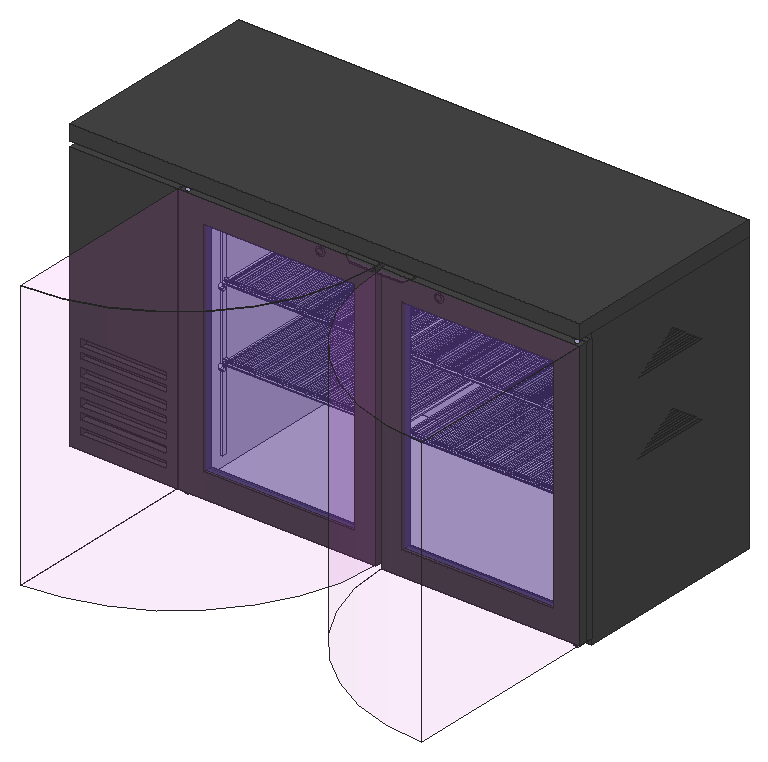
Revit family "QF_True_TBB24-60-2G-Z1-BST-S-1_Glass_Swing_Door_Back_Bar", category Specialty Equipment, Revit 2021 (continued)
Definition of nested family "TBB24-60-2G-Z1-BST-B-1"
  Forms (in)
    Extrusion 218, solid
      sketch origin (40.40747, -21.41792, 22.04105) x (0, 0, -1) y (1, 0, 0)
        loop
          circle (-0.03189, 15.80488) r 0.03205
      from 0 to -18.90457
    Extrusion 219, solid
      sketch origin (21.18991, -21.41792, 13.54105) x (0, 0, -1) y (1, 0, 0)
        loop
          circle (-0.03189, 15.80488) r 0.03205
      from 0 to -18.90457
    Extrusion 220, solid
      sketch origin (40.73881, -21.41792, 13.54105) x (0, 0, -1) y (1, 0, 0)
        loop
          circle (-0.03189, 15.80488) r 0.03205
      from 0 to -18.90457
    Extrusion 221, solid
      sketch origin (21.52125, -21.41792, 13.54105) x (0, 0, -1) y (1, 0, 0)
        loop
          circle (-0.03189, 15.80488) r 0.03205
      from 0 to -18.90457
    Extrusion 222, solid
      sketch origin (21.85259, -21.41792, 13.54105) x (0, 0, -1) y (1, 0, 0)
        loop
          circle (-0.03189, 15.80488) r 0.03205
      from 0 to -18.90457
    Extrusion 223, solid
      sketch origin (22.18392, -21.41792, 13.54105) x (0, 0, -1) y (1, 0, 0)
        loop
          circle (-0.03189, 15.80488) r 0.03205
      from 0 to -18.90457
    Extrusion 224, solid
      sketch origin (22.51526, -21.41792, 13.54105) x (0, 0, -1) y (1, 0, 0)
        loop
          circle (-0.03189, 15.80488) r 0.03205
      from 0 to -18.90457
    Extrusion 225, solid
      sketch origin (22.8466, -21.41792, 13.54105) x (0, 0, -1) y (1, 0, 0)
        loop
          circle (-0.03189, 15.80488) r 0.03205
      from 0 to -18.90457
    Extrusion 226, solid
      sketch origin (23.17793, -21.41792, 13.54105) x (0, 0, -1) y (1, 0, 0)
        loop
          circle (-0.03189, 15.80488) r 0.03205
      from 0 to -18.90457
    Extrusion 227, solid
      sketch origin (23.50927, -21.41792, 13.54105) x (0, 0, -1) y (1, 0, 0)
        loop
          circle (-0.03189, 15.80488) r 0.03205
      from 0 to -18.90457
    Extrusion 228, solid
      sketch origin (23.84061, -21.41792, 13.54105) x (0, 0, -1) y (1, 0, 0)
        loop
          circle (-0.03189, 15.80488) r 0.03205
      from 0 to -18.90457
    Extrusion 229, solid
      sketch origin (24.17195, -21.41792, 13.54105) x (0, 0, -1) y (1, 0, 0)
        loop
          circle (-0.03189, 15.80488) r 0.03205
      from 0 to -18.90457
    Extrusion 230, solid
      sketch origin (24.50328, -21.41792, 13.54105) x (0, 0, -1) y (1, 0, 0)
        loop
          circle (-0.03189, 15.80488) r 0.03205
      from 0 to -18.90457
    Extrusion 231, solid
      sketch origin (24.83462, -21.41792, 13.54105) x (0, 0, -1) y (1, 0, 0)
        loop
          circle (-0.03189, 15.80488) r 0.03205
      from 0 to -18.90457
    Extrusion 232, solid
      sketch origin (25.16596, -21.41792, 13.54105) x (0, 0, -1) y (1, 0, 0)
        loop
          circle (-0.03189, 15.80488) r 0.03205
      from 0 to -18.90457
    Extrusion 233, solid
      sketch origin (25.4973, -21.41792, 13.54105) x (0, 0, -1) y (1, 0, 0)
        loop
          circle (-0.03189, 15.80488) r 0.03205
      from 0 to -18.90457
    Extrusion 234, solid
      sketch origin (25.82863, -21.41792, 13.54105) x (0, 0, -1) y (1, 0, 0)
        loop
          circle (-0.03189, 15.80488) r 0.03205
      from 0 to -18.90457
    Extrusion 235, solid
      sketch origin (26.15997, -21.41792, 13.54105) x (0, 0, -1) y (1, 0, 0)
        loop
          circle (-0.03189, 15.80488) r 0.03205
      from 0 to -18.90457
    Extrusion 236, solid
      sketch origin (26.49131, -21.41792, 13.54105) x (0, 0, -1) y (1, 0, 0)
        loop
          circle (-0.03189, 15.80488) r 0.03205
      from 0 to -18.90457
    Extrusion 237, solid
      sketch origin (26.82264, -21.41792, 13.54105) x (0, 0, -1) y (1, 0, 0)
        loop
          circle (-0.03189, 15.80488) r 0.03205
      from 0 to -18.90457
    Extrusion 238, solid
      sketch origin (27.15398, -21.41792, 13.54105) x (0, 0, -1) y (1, 0, 0)
        loop
          circle (-0.03189, 15.80488) r 0.03205
      from 0 to -18.90457
    Extrusion 239, solid
      sketch origin (27.48532, -21.41792, 13.54105) x (0, 0, -1) y (1, 0, 0)
        loop
          circle (-0.03189, 15.80488) r 0.03205
      from 0 to -18.90457
    Extrusion 240, solid
      sketch origin (27.81666, -21.41792, 13.54105) x (0, 0, -1) y (1, 0, 0)
        loop
          circle (-0.03189, 15.80488) r 0.03205
      from 0 to -18.90457
    Extrusion 241, solid
      sketch origin (28.14799, -21.41792, 13.54105) x (0, 0, -1) y (1, 0, 0)
        loop
          circle (-0.03189, 15.80488) r 0.03205
      from 0 to -18.90457
    Extrusion 242, solid
      sketch origin (28.47933, -21.41792, 13.54105) x (0, 0, -1) y (1, 0, 0)
        loop
          circle (-0.03189, 15.80488) r 0.03205
      from 0 to -18.90457
    Extrusion 243, solid
      sketch origin (28.81067, -21.41792, 13.54105) x (0, 0, -1) y (1, 0, 0)
        loop
          circle (-0.03189, 15.80488) r 0.03205
      from 0 to -18.90457
    Extrusion 244, solid
      sketch origin (29.142, -21.41792, 13.54105) x (0, 0, -1) y (1, 0, 0)
        loop
          circle (-0.03189, 15.80488) r 0.03205
      from 0 to -18.90457
    Extrusion 245, solid
      sketch origin (29.47334, -21.41792, 13.54105) x (0, 0, -1) y (1, 0, 0)
        loop
          circle (-0.03189, 15.80488) r 0.03205
      from 0 to -18.90457
    Extrusion 246, solid
      sketch origin (29.80468, -21.41792, 13.54105) x (0, 0, -1) y (1, 0, 0)
        loop
          circle (-0.03189, 15.80488) r 0.03205
      from 0 to -18.90457
    Extrusion 247, solid
      sketch origin (30.13602, -21.41792, 13.54105) x (0, 0, -1) y (1, 0, 0)
        loop
          circle (-0.03189, 15.80488) r 0.03205
      from 0 to -18.90457
    Extrusion 248, solid
      sketch origin (30.46735, -21.41792, 13.54105) x (0, 0, -1) y (1, 0, 0)
        loop
          circle (-0.03189, 15.80488) r 0.03205
      from 0 to -18.90457
    Extrusion 249, solid
      sketch origin (30.79869, -21.41792, 13.54105) x (0, 0, -1) y (1, 0, 0)
        loop
          circle (-0.03189, 15.80488) r 0.03205
      from 0 to -18.90457
    Extrusion 250, solid
      sketch origin (31.13003, -21.41792, 13.54105) x (0, 0, -1) y (1, 0, 0)
        loop
          circle (-0.03189, 15.80488) r 0.03205
      from 0 to -18.90457
    Extrusion 251, solid
      sketch origin (31.46137, -21.41792, 13.54105) x (0, 0, -1) y (1, 0, 0)
        loop
          circle (-0.03189, 15.80488) r 0.03205
      from 0 to -18.90457
    Extrusion 252, solid
      sketch origin (31.7927, -21.41792, 13.54105) x (0, 0, -1) y (1, 0, 0)
        loop
          circle (-0.03189, 15.80488) r 0.03205
      from 0 to -18.90457
    Extrusion 253, solid
      sketch origin (32.12404, -21.41792, 13.54105) x (0, 0, -1) y (1, 0, 0)
        loop
          circle (-0.03189, 15.80488) r 0.03205
      from 0 to -18.90457
    Extrusion 254, solid
      sketch origin (32.45538, -21.41792, 13.54105) x (0, 0, -1) y (1, 0, 0)
        loop
          circle (-0.03189, 15.80488) r 0.03205
      from 0 to -18.90457
    Extrusion 255, solid
      sketch origin (32.78671, -21.41792, 13.54105) x (0, 0, -1) y (1, 0, 0)
        loop
          circle (-0.03189, 15.80488) r 0.03205
      from 0 to -18.90457
    Extrusion 256, solid
      sketch origin (33.11805, -21.41792, 13.54105) x (0, 0, -1) y (1, 0, 0)
        loop
          circle (-0.03189, 15.80488) r 0.03205
      from 0 to -18.90457
    Extrusion 257, solid
      sketch origin (33.44939, -21.41792, 13.54105) x (0, 0, -1) y (1, 0, 0)
        loop
          circle (-0.03189, 15.80488) r 0.03205
      from 0 to -18.90457
    Extrusion 258, solid
      sketch origin (33.78073, -21.41792, 13.54105) x (0, 0, -1) y (1, 0, 0)
        loop
          circle (-0.03189, 15.80488) r 0.03205
      from 0 to -18.90457
    Extrusion 259, solid
      sketch origin (34.11206, -21.41792, 13.54105) x (0, 0, -1) y (1, 0, 0)
        loop
          circle (-0.03189, 15.80488) r 0.03205
      from 0 to -18.90457
    Extrusion 260, solid
      sketch origin (34.4434, -21.41792, 13.54105) x (0, 0, -1) y (1, 0, 0)
        loop
          circle (-0.03189, 15.80488) r 0.03205
      from 0 to -18.90457
    Extrusion 261, solid
      sketch origin (34.77474, -21.41792, 13.54105) x (0, 0, -1) y (1, 0, 0)
        loop
          circle (-0.03189, 15.80488) r 0.03205
      from 0 to -18.90457
    Extrusion 262, solid
      sketch origin (35.10607, -21.41792, 13.54105) x (0, 0, -1) y (1, 0, 0)
        loop
          circle (-0.03189, 15.80488) r 0.03205
      from 0 to -18.90457
    Extrusion 263, solid
      sketch origin (35.43741, -21.41792, 13.54105) x (0, 0, -1) y (1, 0, 0)
        loop
          circle (-0.03189, 15.80488) r 0.03205
      from 0 to -18.90457
    Extrusion 264, solid
      sketch origin (35.76875, -21.41792, 13.54105) x (0, 0, -1) y (1, 0, 0)
        loop
          circle (-0.03189, 15.80488) r 0.03205
      from 0 to -18.90457
    Extrusion 265, solid
      sketch origin (36.10009, -21.41792, 13.54105) x (0, 0, -1) y (1, 0, 0)
        loop
          circle (-0.03189, 15.80488) r 0.03205
      from 0 to -18.90457
    Extrusion 266, solid
      sketch origin (36.43142, -21.41792, 13.54105) x (0, 0, -1) y (1, 0, 0)
        loop
          circle (-0.03189, 15.80488) r 0.03205
      from 0 to -18.90457
    Extrusion 267, solid
      sketch origin (36.76276, -21.41792, 13.54105) x (0, 0, -1) y (1, 0, 0)
        loop
          circle (-0.03189, 15.80488) r 0.03205
      from 0 to -18.90457
    Extrusion 268, solid
      sketch origin (37.0941, -21.41792, 13.54105) x (0, 0, -1) y (1, 0, 0)
        loop
          circle (-0.03189, 15.80488) r 0.03205
      from 0 to -18.90457
    Extrusion 269, solid
      sketch origin (37.42544, -21.41792, 13.54105) x (0, 0, -1) y (1, 0, 0)
        loop
          circle (-0.03189, 15.80488) r 0.03205
      from 0 to -18.90457
    Extrusion 270, solid
      sketch origin (37.75677, -21.41792, 13.54105) x (0, 0, -1) y (1, 0, 0)
        loop
          circle (-0.03189, 15.80488) r 0.03205
      from 0 to -18.90457
    Extrusion 271, solid
      sketch origin (38.08811, -21.41792, 13.54105) x (0, 0, -1) y (1, 0, 0)
        loop
          circle (-0.03189, 15.80488) r 0.03205
      from 0 to -18.90457
    Extrusion 272, solid
      sketch origin (38.41945, -21.41792, 13.54105) x (0, 0, -1) y (1, 0, 0)
        loop
          circle (-0.03189, 15.80488) r 0.03205
      from 0 to -18.90457
    Extrusion 273, solid
      sketch origin (38.75078, -21.41792, 13.54105) x (0, 0, -1) y (1, 0, 0)
        loop
          circle (-0.03189, 15.80488) r 0.03205
      from 0 to -18.90457
    Extrusion 274, solid
      sketch origin (39.08212, -21.41792, 13.54105) x (0, 0, -1) y (1, 0, 0)
        loop
          circle (-0.03189, 15.80488) r 0.03205
      from 0 to -18.90457
    Extrusion 275, solid
      sketch origin (39.41346, -21.41792, 13.54105) x (0, 0, -1) y (1, 0, 0)
        loop
          circle (-0.03189, 15.80488) r 0.03205
      from 0 to -18.90457
    Extrusion 276, solid
      sketch origin (39.7448, -21.41792, 13.54105) x (0, 0, -1) y (1, 0, 0)
        loop
          circle (-0.03189, 15.80488) r 0.03205
      from 0 to -18.90457
    Extrusion 277, solid
      sketch origin (40.07613, -21.41792, 13.54105) x (0, 0, -1) y (1, 0, 0)
        loop
          circle (-0.03189, 15.80488) r 0.03205
      from 0 to -18.90457
    Extrusion 278, solid
      sketch origin (40.40747, -21.41792, 13.54105) x (0, 0, -1) y (1, 0, 0)
        loop
          circle (-0.03189, 15.80488) r 0.03205
      from 0 to -18.90457
    Revolve 279, solid
      sketch origin (-45.75, -24.2475, 32.27501) x (0, 0, -1) y (1, 0, 0)
        loop
          line (-0.66249, 59.28125) -> (0, 59.28125) -> (0, 59.53125) -> (-0.5, 59.53125) -> (-0.5, 59.70135) -> (-0.66249, 59.70135) -> (-0.66249, 59.28125)
        axis (-0.66249, 59.28125) -> (0, 59.28125)
      angle from 0 to 360
    Revolve 280, solid
      sketch origin (118.5625, -24.2475, 32.27501) x (0, 0, -1) y (1, 0, 0)
        loop
          line (-0.66249, -59.28125) -> (-0.66249, -59.70135) -> (-0.5, -59.70135) -> (-0.5, -59.53125) -> (0, -59.53125) -> (0, -59.28125) -> (-0.66249, -59.28125)
        axis (-0.66249, -59.28125) -> (0, -59.28125)
      angle from 0 to 360
    Blend 281, solid, material <- "Door Finish"
      base sketch origin (-19, -24.875, 35.99786) x (0, 0, -1) y (1, 0, 0)
        loop
          circle (4.37806, 48.52437) r 0.5
      top sketch origin (-19, -24.875, 35.99786) x (0, 0, 1) y (1, 0, 0)
        loop
          circle (-4.37806, 48.52437) r 0.37406
      from 0 to 0.04478
    Extrusion 282, solid, material <- "Door Finish"
      sketch origin (36.09375, -23.80172, 31.67503) x (0, 0, -1) y (0, 1, 0)
        loop
          line (-0.59999, -0.37926) -> (-0.72499, -0.37926) -> (-0.72499, -1.07258) -> (-0.43164, -1.54203) -> (-0.28424, -1.54203) -> (-0.59999, -1.03673) -> (-0.59999, -0.37926)
      from 0 to -3.5
    Extrusion 283, void
      sketch origin (36.09375, -24.8743, 32.40001) x (0, 0.848048, 0.529919) y (1, 0, 0)
        loop
          line (0, -3.5) -> (-0.84728, -2.4866) -> (-0.84728, -3.5) -> (0, -3.5)
      from 0 to 0.25
    Extrusion 284, solid, material <- "Door Finish"
      sketch origin (40.21875, -23.80172, 31.67503) x (0, 0, -1) y (0, 1, 0)
        loop
          line (-0.59999, -0.37926) -> (-0.72499, -0.37926) -> (-0.72499, -1.07258) -> (-0.43164, -1.54203) -> (-0.28424, -1.54203) -> (-0.59999, -1.03673) -> (-0.59999, -0.37926)
      from 0 to -3.5
    Extrusion 285, solid, material <- "Door Finish"
      sketch origin (1.0398, -23.09422, 32.9375) x (0, 0, -1) y (1, 0, 0)
        loop
          line (0.66249, 11.74145) -> (32.25, 11.74145) -> (32.25, 35.05395) -> (0.66249, 35.05395) -> (0.66249, 11.74145)
        loop
          line (3.27169, 14.74153) -> (29.40712, 14.74153) -> (29.40712, 32.59088) -> (3.27169, 32.59088) -> (3.27169, 14.74153)
      from 1.78078 to 0.64622
    Extrusion 286, void
      sketch origin (36.71875, -24.8743, 32.40001) x (0, 0.848048, 0.529919) y (1, 0, 0)
        loop
          line (0, 3.5) -> (-0.84728, 3.5) -> (-0.84728, 2.4866) -> (0, 3.5)
      from 0 to 0.25
    Extrusion 287, solid, visible <- "Show Door Clearance"
      sketch origin (36.01135, -23.09422, 0.6875) x (0, -1, 0) y (-1, 0, 0)
        loop
          line (1.78078, -0.7074) -> (1.78078, -24.0199) -> (24.99753, -24.0199)
          arc (24.99753, -24.0199) -> (18.11444, -7.65777) -> (1.78078, -0.7074) r 23.62444
      from 0 to -31.58751
    Extrusion 288, solid, visible <- "Show Door Clearance"
      sketch origin (36.80115, -23.09422, 0.6875) x (0, 1, 0) y (1, 0, 0)
        loop
          arc (-1.78078, -0.7074) -> (-18.11444, -7.65777) -> (-24.99753, -24.0199) r 23.62444
          line (-24.99753, -24.0199) -> (-1.78078, -24.0199) -> (-1.78078, -0.7074)
      from 0 to -31.58751
    Extrusion 289, solid
      sketch origin (34.40058, -23.09422, 3.53038) x (-1, 0, 0) y (0, -1, 0)
        loop
          line (18.61924, 1.4635) -> (0.7699, 1.4635) -> (0.7699, 0.9635) -> (18.61924, 0.9635) -> (18.61924, 1.4635)
      from 0 to 26.13543
    Extrusion 290, solid
      sketch origin (57.80107, -23.09422, 3.53038) x (-1, 0, 0) y (0, -1, 0)
        loop
          line (18.61924, 1.4635) -> (0.7699, 1.4635) -> (0.7699, 0.9635) -> (18.61924, 0.9635) -> (18.61924, 1.4635)
      from 0 to 26.13543
  Cuts and joins
    Extrusion 3, Extrusion 5 cuts Extrusion 2
    Extrusion 5 cuts Extrusion 4
    joined: Extrusion 26, Extrusion 27
    Extrusion 283, Extrusion 286 cuts Extrusion 282
    Extrusion 286 cuts Extrusion 285
    Extrusion 286 cuts Extrusion 284
  Lines and regions (in)
    Split face 1
      outline origin (0, 0.03125, 32.6875) x (0, 0, 1) y (1, 0, 0)
        loop
          line (-15.04167, 10.7061) -> (-29.59231, 10.7061) -> (-29.59231, 0.9561) -> (-15.04167, 0.9561) -> (-15.04167, 10.7061)
    Split face 2
      outline origin (60.03125, 0, 0) x (-1, 0, 0) y (0, 0, 1)
        loop
          line (48.03125, 32.9375) -> (48.03125, 0)
        loop
          line (45.65625, 0) -> (45.65625, 32.9375)
        loop
          line (2.75, 32.9375) -> (2.75, 0)
    Split face 3
      outline origin (0, -24.875, 32.27501) x (-1, 0, 0) y (0, 0, -1)
        loop
          line (-2.26866, 1.36126) -> (-2.26866, 2.86126) -> (-10.197, 2.86126) -> (-10.197, 1.36126) -> (-2.26866, 1.36126)
    symbolic lines
      curve 1: line (60.03125, 0, 0) -> (0, 0, 0)
      curve 2: line (0, 0, 0) -> (0, -25.34375, 0)
      curve 3: line (60.03125, -25.34375, 0) -> (60.03125, 0, 0)
      curve 4: line (0, -24.875, 0) -> (60.03125, -24.875, 0)
      curve 7: line (33.34928, -25.34375, 0) -> (32.68817, -24.875, 0)
      curve 8: line (33.34928, -25.34375, 0) -> (36.09375, -25.34375, 0)
      curve 9: line (36.09375, -25.34375, 0) -> (36.09375, -24.875, 0)
      curve 10: line (39.46322, -25.34375, 0) -> (40.12433, -24.875, 0)
      curve 11: line (39.46322, -25.34375, 0) -> (36.71875, -25.34375, 0)
      curve 12: line (36.71875, -25.34375, 0) -> (36.71875, -24.875, 0)
    symbolic lines, visible <- "Show Door Clearance"
      curve 5: line (12.78125, -24.875, 0) -> (32.83289, -36.45182, 0)
      curve 6: line (60.03125, -24.875, 0) -> (39.97961, -36.45182, 0)
      curve 13: arc (36.09375, -24.875, 0) -> (35.21239, -30.8744, 0) -> (32.83289, -36.45182, 0) r 23.62444
      curve 14: arc (39.97961, -36.45182, 0) -> (37.60011, -30.8744, 0) -> (36.71875, -24.875, 0) r 23.62444
  Dimensions and locks (in)
    equal spacing: plane 3 "LEFT", plane 7 "Center Y", plane 4 "RIGHT"
    "Length": plane 3 "LEFT" to plane 4 "RIGHT"
    equal spacing: plane 5 "FRONT", plane 8 "Center X", plane 1 "BACK"
    "Depth": plane 5 "FRONT" to plane 1 "BACK"
    "Height": plane 6 "TOP" to level
    plane 1 "BACK" to plane 9 = 48 3/32"
    plane 10 to level = 11/16"
    plane 5 "FRONT" to plane 1 "BACK" = 25 11/32"
    plane 9 to plane 1 "BACK" = 48 3/32"
    plane 6 "TOP" to plane 11 = 1 25/32"
    equal spacing: group 1, group 3, group 4, group 5, group 6, group 7, group 8, group 9, group 10, group 11, group 12, group 13, group 14, group 15, group 16, group 17, group 18, group 19, group 20, group 21, group 22, group 23, group 24, group 25, group 26, group 27, group 28, group 29, group 30, group 31, group 32, group 33, group 34, group 35, group 36, group 37, group 38, group 39, group 40, group 41, group 42, group 43, group 44, group 45, group 46, group 47, group 48, group 49, group 50, group 2  (x3)
    plane 5 "FRONT" to plane 9 = 22 3/4"
    plane 4 "RIGHT" to plane 3 "LEFT" = 60 1/32"
    plane 15 to plane 1 "BACK" = 24 7/8"
    equal spacing: group 51, group 53, group 54, group 55, group 56, group 57, group 58, group 59, group 60, group 61, group 62, group 63, group 64, group 65, group 66, group 67, group 68, group 69, group 70, group 71, group 72, group 73, group 74, group 75, group 76, group 77, group 78, group 79, group 80, group 81, group 82, group 83, group 84, group 85, group 86, group 87, group 88, group 89, group 90, group 91, group 92, group 93, group 94, group 95, group 96, group 97, group 98, group 99, group 100, group 101, group 102, group 103, group 104, group 105, group 106, group 107, group 108, group 109, group 110, group 52  (x3)
    aligned and locked: level to plane 2
  Automatic sketch dimensions
    Extrusion 1 sketch curve to plane 3 "LEFT" = 0"
    plane 4 "RIGHT" to Extrusion 1 sketch curve = 0"
    Extrusion 1 sketch curve to plane 11 = 0"
    Extrusion 1 sketch curve to plane 6 "TOP" = 0"
    plane 11 to Extrusion 2 sketch curve = 0"
    Extrusion 2 sketch curve to level = 0"
    Extrusion 2 sketch curve to plane 1 "BACK" = 0"
    Extrusion 2 sketch curve to plane 13 = 1.6763"
    plane 1 "BACK" to Extrusion 3 sketch curve = 1.91691"
    Extrusion 3 sketch curve to plane 13 = 1.6763"
    plane 3 "LEFT" to Extrusion 3 sketch curve = 14 29/32"
    plane 4 "RIGHT" to Extrusion 3 sketch curve = 2.61437"
    Extrusion 4 sketch curve to Extrusion 2 = 0"
    Extrusion 4 sketch curve to Extrusion 2 = 0.66249"
    Extrusion 4 sketch curve to Extrusion 2 = 11/16"
    Extrusion 2 to Extrusion 4 sketch curve = 12 25/32"
    Extrusion 4 to Extrusion 5 sketch curve = 1.61339"
    Extrusion 5 sketch curve to Extrusion 5 sketch curve = 0.82714"  (x4)
    Extrusion 5 sketch curve to Extrusion 5 sketch curve = 0.79786"
    Extrusion 5 sketch curve to Extrusion 5 sketch curve = 0.57908"  (x2)
    Extrusion 5 sketch curve to Extrusion 5 sketch curve = 1"  (x3)
    Extrusion 5 sketch curve to Extrusion 5 sketch curve = 0.71878"
    Extrusion 5 sketch curve to Extrusion 5 sketch curve = 0.84378"
    Extrusion 5 sketch curve to Extrusion 5 sketch curve = 0.45408"
    Extrusion 4 to Extrusion 5 sketch curve = 1.27626"  (x2)
    Extrusion 5 sketch curve to Extrusion 5 sketch curve = 0"  (x11)
    Extrusion 4 to Extrusion 5 sketch curve = 1.32665"
    Extrusion 6 sketch curve to Extrusion 2 = 0"
    Extrusion 2 to Extrusion 6 sketch curve = 9/16"
    Extrusion 6 sketch curve to Extrusion 6 sketch curve = 3/4"  (x3)
    Extrusion 6 sketch curve to Extrusion 2 = 13.59037"
    Extrusion 2 to Extrusion 6 sketch curve = 3/4"
    Extrusion 6 sketch curve to Extrusion 6 sketch curve = 0"  (x2)
    Extrusion 6 sketch curve to Extrusion 6 sketch curve = 0.44096"
    Extrusion 6 sketch curve to Extrusion 6 sketch curve = 4.44897"
    Extrusion 6 sketch curve to Extrusion 6 sketch curve = 10.52264"
    Split face 1 sketch curve to Extrusion 6 = 2.53269"
    Split face 1 sketch curve to Extrusion 6 = 2.4513"
    Split face 1 sketch curve to Extrusion 6 = 0.9561"
    Split face 1 sketch curve to Extrusion 6 = 1.31655"
    Extrusion 7 sketch curve to Extrusion 6 = 0.05904"
    Extrusion 6 to Extrusion 7 sketch curve = 0.19096"  (x2)
    Extrusion 7 sketch curve to Extrusion 6 = 0.31699"  (x2)
    Extrusion 7 sketch curve to Extrusion 7 sketch curve = 1/2"  (x2)
    Extrusion 7 sketch curve to Extrusion 7 sketch curve = 1/4"
    Extrusion 7 sketch curve to Extrusion 7 sketch curve = 0.43301"  (x2)
    Extrusion 8 sketch curve to Extrusion 6 = 0.72262"
    Extrusion 8 sketch curve to Extrusion 6 = 1.73005"
    Split face 2 sketch curve to cut or joined group of Extrusion 2, Extrusion 3, Extrusion 5 = 0"  (x6)
    Split face 2 sketch curve to cut or joined group of Extrusion 2, Extrusion 3, Extrusion 5 = 2 3/4"
    Split face 2 sketch curve to cut or joined group of Extrusion 2, Extrusion 3, Extrusion 5 = 14 3/8"
    Split face 2 sketch curve to Split face 2 sketch curve = 2 3/8"
    plane 11 to Blend 9 sketch curve = 1.31771"  (x2)
    plane 7 "Center Y" to Blend 9 sketch curve = 13.50874"  (x2)
    Split face 3 sketch curve to cut or joined group of Extrusion 4, Extrusion 5 = 1.2576"
    Split face 3 sketch curve to cut or joined group of Extrusion 4, Extrusion 5 = 0.9924"
    Split face 3 sketch curve to cut or joined group of Extrusion 4, Extrusion 5 = 1.36126"
    Split face 3 sketch curve to Split face 3 sketch curve = 1 1/2"
    Extrusion 10 sketch curve to Extrusion 3 = 1.6763"
    Extrusion 10 sketch curve to Extrusion 10 sketch curve = 1/2"  (x2)
    Extrusion 3 to Extrusion 10 sketch curve = 3.25101"
    Extrusion 3 to Extrusion 10 sketch curve = 1.46788"  (x2)
    Extrusion 3 to Extrusion 10 sketch curve = 1.74463"  (x2)
    Extrusion 3 to Extrusion 11 sketch curve = 2.75101"
    Extrusion 11 sketch curve to Extrusion 11 sketch curve = 1/2"  (x2)
    Extrusion 3 to Extrusion 11 sketch curve = 2.1763"
    Extrusion 3 to Extrusion 11 sketch curve = 1.46788"  (x2)
    Extrusion 3 to Extrusion 11 sketch curve = 1.74463"  (x2)
    Extrusion 3 to Extrusion 12 sketch curve = 1.46788"  (x4)
    Extrusion 12 sketch curve to Extrusion 3 = 3.8189"
    Extrusion 12 sketch curve to Extrusion 12 sketch curve = 1/2"  (x4)
    Extrusion 12 sketch curve to Extrusion 12 sketch curve = 15 5/16"
    Extrusion 12 sketch curve to Extrusion 12 sketch curve = 1.77627"
    Extrusion 3 to Extrusion 12 sketch curve = 1.74463"  (x4)
    Extrusion 12 sketch curve to Extrusion 3 = 4.27984"
    Sweep 13 sketch curve to plane 13 = 0"
    plane 13 to Sweep 13 sketch curve = 1/2"
    plane 7 "Center Y" to Sweep 13 sketch curve = 5.49328"
    Sweep 13 sketch curve to Sweep 13 sketch curve = 1/2"  (x2)
    Sweep 13 sketch curve to plane 13 = 1/2"
    Sweep 13 sketch curve to plane 7 "Center Y" = 14.00672"  (x2)
    plane 1 "BACK" to Sweep 13 sketch curve = 3.04972"
    Sweep 13 sketch curve to Sweep 13 sketch curve = 1/4"
    profile plane to Sweep 13 sketch curve = 0"
    Sweep 13 sketch curve to profile plane = 0.10817"
    Extrusion 10 to Extrusion 14 sketch curve = 0"
    Extrusion 10 to Extrusion 14 sketch curve = 9.35512"  (x2)
    Extrusion 14 sketch curve to Extrusion 10 = 0.44283"
    Extrusion 14 sketch curve to Extrusion 14 sketch curve = 0.44283"  (x3)
    Extrusion 14 sketch curve to Extrusion 14 sketch curve = 0.13831"  (x2)
    Extrusion 14 sketch curve to Extrusion 14 sketch curve = 40.86249"
    Extrusion 10 to Extrusion 15 sketch curve = 0"
    Extrusion 10 to Extrusion 15 sketch curve = 9.35512"  (x2)
    Extrusion 15 sketch curve to Extrusion 10 = 0.44283"
    Extrusion 15 sketch curve to Extrusion 15 sketch curve = 0.44283"  (x3)
    Extrusion 15 sketch curve to Extrusion 15 sketch curve = 0.13831"  (x2)
    Extrusion 15 sketch curve to Extrusion 15 sketch curve = 40.86249"
    Extrusion 16 sketch curve to Extrusion 12 = 0"
    Extrusion 12 to Extrusion 16 sketch curve = 9.35512"
    Extrusion 16 sketch curve to Extrusion 16 sketch curve = 0.44283"  (x2)
    Extrusion 16 sketch curve to Extrusion 16 sketch curve = 0.13831"
    Extrusion 17 sketch curve to Extrusion 12 = 0"
    Extrusion 12 to Extrusion 17 sketch curve = 9.35512"
    Extrusion 17 sketch curve to Extrusion 17 sketch curve = 0.44283"  (x2)
    Extrusion 17 sketch curve to Extrusion 17 sketch curve = 0.13831"
    plane 1 "BACK" to Extrusion 18 sketch curve = 2.29972"
    plane 11 to Extrusion 18 sketch curve = 11.76224"
    Extrusion 18 sketch curve to Extrusion 18 sketch curve = 0.44283"  (x2)
    Extrusion 18 sketch curve to Extrusion 18 sketch curve = 0.13831"
    Extrusion 10 to Extrusion 19 sketch curve = 0"
    Extrusion 19 sketch curve to Extrusion 10 = 9.14488"  (x2)
    Extrusion 19 sketch curve to Extrusion 10 = 0.44283"
    Extrusion 19 sketch curve to Extrusion 19 sketch curve = 0.44283"  (x3)
    Extrusion 19 sketch curve to Extrusion 19 sketch curve = 0.13831"  (x2)
    Extrusion 19 sketch curve to Extrusion 19 sketch curve = 40.86249"
    Extrusion 20 sketch curve to Extrusion 12 = 0"
    Extrusion 20 sketch curve to Extrusion 12 = 9.14488"
    Extrusion 20 sketch curve to Extrusion 20 sketch curve = 0.44283"  (x2)
    Extrusion 20 sketch curve to Extrusion 20 sketch curve = 0.13831"
    Extrusion 21 sketch curve to Extrusion 12 = 0"
    Extrusion 21 sketch curve to Extrusion 12 = 9.14488"
    Extrusion 21 sketch curve to Extrusion 21 sketch curve = 0.44283"  (x2)
    Extrusion 21 sketch curve to Extrusion 21 sketch curve = 0.13831"
    plane 13 to Extrusion 22 sketch curve = 0.25025"
    plane 11 to Extrusion 22 sketch curve = 10.77657"
    plane 13 to Extrusion 23 sketch curve = 0.25025"
    Extrusion 23 sketch curve to plane 12 = 11.59843"
    plane 13 to Extrusion 24 sketch curve = 0.25025"
    plane 11 to Extrusion 24 sketch curve = 10.77657"
    plane 13 to Extrusion 25 sketch curve = 0.25025"
    Extrusion 25 sketch curve to plane 12 = 11.59452"
    plane 4 "RIGHT" to Extrusion 26 sketch curve = 11/32"
    Extrusion 26 sketch curve to Extrusion 26 sketch curve = 0.14658"
    Extrusion 26 sketch curve to Extrusion 26 sketch curve = 0.2895"  (x2)
    plane 15 to Extrusion 26 sketch curve = 0.4309"  (x2)
    Extrusion 26 sketch curve to Extrusion 26 sketch curve = 0.15382"  (x4)
    Extrusion 26 sketch curve to Extrusion 26 sketch curve = 1.19762"
    Extrusion 26 sketch curve to Extrusion 26 sketch curve = 0.08965"  (x3)
    plane 15 to Extrusion 26 sketch curve = 1.56435"
    plane 3 "LEFT" to Extrusion 26 sketch curve = 14.87959"
    Extrusion 26 sketch curve to Extrusion 26 sketch curve = 1.13345"
    Extrusion 26 sketch curve to Extrusion 26 sketch curve = 0.43608"
    Extrusion 26 sketch curve to Extrusion 26 sketch curve = 1.2231"
    Extrusion 26 sketch curve to Extrusion 26 sketch curve = 1.34988"
    Extrusion 27 sketch curve to Extrusion 2 = 11/16"  (x2)
    Extrusion 27 sketch curve to Extrusion 2 = 0.33506"  (x2)
    Extrusion 2 to Extrusion 27 sketch curve = 13 5/32"
    Extrusion 27 sketch curve to Extrusion 27 sketch curve = 1.76048"
    Extrusion 2 to Extrusion 27 sketch curve = 2.10423"
    Extrusion 2 to Extrusion 27 sketch curve = 11/32"
    Revolve 28 sketch curve to plane 10 = 0"  (x2)
    plane 14 to Revolve 28 sketch curve = 1/16"
    plane 15 to Revolve 28 sketch curve = 1.0928"
    Revolve 28 sketch curve to Revolve 28 sketch curve = 0.19414"
    Revolve 28 sketch curve to plane 10 = 0.14497"
    Revolve 28 sketch curve to Revolve 28 sketch curve = 0"
    Revolve 29 sketch curve to plane 10 = 0"  (x2)
    plane 14 to Revolve 29 sketch curve = 1/16"
    plane 15 to Revolve 29 sketch curve = 1.0928"
    Revolve 29 sketch curve to Revolve 29 sketch curve = 0.19414"
    Revolve 29 sketch curve to plane 10 = 0.14497"
    Revolve 29 sketch curve to Revolve 29 sketch curve = 0"
    Extrusion 30 sketch curve to Extrusion 2 = 0.66249"
    Extrusion 30 sketch curve to Extrusion 30 sketch curve = 1"  (x3)
    Extrusion 30 sketch curve to Extrusion 2 = 1 11/16"
    Extrusion 30 sketch curve to Extrusion 2 = 11/16"
    Extrusion 2 to Extrusion 30 sketch curve = 12 25/32"
    Extrusion 30 sketch curve to Extrusion 30 sketch curve = 21 5/8"
    Extrusion 2 to Extrusion 31 sketch curve = 0"
    Extrusion 31 sketch curve to Extrusion 2 = 0.66249"
    Extrusion 31 sketch curve to Extrusion 31 sketch curve = 1"  (x2)
    Extrusion 31 sketch curve to Extrusion 2 = 1 11/16"
    Extrusion 31 sketch curve to Extrusion 2 = 11/16"
    Extrusion 2 to Extrusion 31 sketch curve = 1"
    Extrusion 31 sketch curve to Extrusion 31 sketch curve = 21 5/8"
    Extrusion 2 to Extrusion 32 sketch curve = 0"
    Extrusion 32 sketch curve to Extrusion 2 = 0.66249"
    Extrusion 32 sketch curve to Extrusion 2 = 3.27169"
    Extrusion 32 sketch curve to Extrusion 2 = 3.53038"
    Extrusion 32 sketch curve to Extrusion 2 = 11/16"
    Extrusion 2 to Extrusion 32 sketch curve = 3.00008"
    Extrusion 32 sketch curve to Extrusion 32 sketch curve = 17.84934"
    Extrusion 32 sketch curve to Extrusion 32 sketch curve = 2.46307"
    Sweep 33 sketch curve to plane 13 = 0"
    plane 13 to Sweep 33 sketch curve = 1/2"
    plane 7 "Center Y" to Sweep 33 sketch curve = 5.49328"
    Sweep 33 sketch curve to Sweep 33 sketch curve = 1/2"  (x2)
    Sweep 33 sketch curve to plane 13 = 1/2"
    Sweep 33 sketch curve to plane 7 "Center Y" = 14.00672"  (x2)
    plane 1 "BACK" to Sweep 33 sketch curve = 3.04972"
    Sweep 33 sketch curve to Sweep 33 sketch curve = 1/4"
    profile plane to Sweep 33 sketch curve = 0"
    Sweep 33 sketch curve to profile plane = 0.10817"
    plane 1 "BACK" to Extrusion 34 sketch curve = 2.29972"
    plane 11 to Extrusion 34 sketch curve = 11.76224"
    Extrusion 34 sketch curve to Extrusion 34 sketch curve = 0.44283"  (x2)
    Extrusion 34 sketch curve to Extrusion 34 sketch curve = 0.13831"
    Extrusion 35 sketch curve to Extrusion 12 = 0"
    Extrusion 35 sketch curve to Extrusion 12 = 9.72603"
    Extrusion 35 sketch curve to Extrusion 12 = 0.44283"
    Extrusion 35 sketch curve to Extrusion 35 sketch curve = 0.13831"
    Extrusion 35 sketch curve to Extrusion 35 sketch curve = 0.58114"
    Extrusion 36 sketch curve to Extrusion 12 = 0"
    Extrusion 12 to Extrusion 36 sketch curve = 9.14488"
    Extrusion 36 sketch curve to Extrusion 36 sketch curve = 0.44283"
    Extrusion 36 sketch curve to Extrusion 36 sketch curve = 0.13831"
    Extrusion 36 sketch curve to Extrusion 12 = 0.44283"
    Sweep 37 sketch curve to plane 13 = 0"
    plane 13 to Sweep 37 sketch curve = 1/2"
    plane 7 "Center Y" to Sweep 37 sketch curve = 6.7986"
    Sweep 37 sketch curve to Sweep 37 sketch curve = 1/2"  (x2)
    Sweep 37 sketch curve to plane 13 = 1/2"
    plane 4 "RIGHT" to Sweep 37 sketch curve = 3.71703"  (x2)
    plane 1 "BACK" to Sweep 37 sketch curve = 3.04972"
    Sweep 37 sketch curve to Sweep 37 sketch curve = 1/4"
    Sweep 37 sketch curve to Sweep 37 sketch curve = 0"
    profile plane to Sweep 37 sketch curve = 0"
    Sweep 37 sketch curve to profile plane = 0.10817"
    Sweep 38 sketch curve to plane 13 = 0"
    plane 13 to Sweep 38 sketch curve = 1/2"
    plane 7 "Center Y" to Sweep 38 sketch curve = 6.7986"
    Sweep 38 sketch curve to Sweep 38 sketch curve = 1/2"  (x2)
    Sweep 38 sketch curve to plane 13 = 1/2"
    plane 4 "RIGHT" to Sweep 38 sketch curve = 3.71703"  (x2)
    plane 1 "BACK" to Sweep 38 sketch curve = 3.04972"
    Sweep 38 sketch curve to Sweep 38 sketch curve = 1/4"
    Sweep 38 sketch curve to Sweep 38 sketch curve = 0"
    profile plane to Sweep 38 sketch curve = 0"
    Sweep 38 sketch curve to profile plane = 0.10817"
    Revolve 279 sketch curve to plane 11 = 0"  (x2)
    plane 11 to Revolve 279 sketch curve = 0.16249"  (x2)
    Revolve 279 sketch curve to Revolve 279 sketch curve = 1/2"
    plane 3 "LEFT" to Revolve 279 sketch curve = 13 17/32"
    Revolve 279 sketch curve to Revolve 279 sketch curve = 1/4"
    Revolve 279 sketch curve to Revolve 279 sketch curve = 0.1701"
    Revolve 279 sketch curve to Revolve 279 sketch curve = 0"
    Revolve 280 sketch curve to plane 11 = 0"  (x2)
    plane 11 to Revolve 280 sketch curve = 0.16249"  (x2)
    Revolve 280 sketch curve to Revolve 280 sketch curve = 1/2"
    plane 4 "RIGHT" to Revolve 280 sketch curve = 1.1701"
    Revolve 280 sketch curve to Revolve 280 sketch curve = 0.1701"
    Revolve 280 sketch curve to Revolve 280 sketch curve = 1/4"
    Revolve 280 sketch curve to Revolve 280 sketch curve = 0"
    Blend 281 sketch curve to plane 7 "Center Y" = 0.49126"  (x2)
    plane 11 to Blend 281 sketch curve = 1.31771"  (x2)
    Extrusion 282 sketch curve to plane 5 "FRONT" = 0"
    plane 15 to Extrusion 282 sketch curve = 0.0007"
    plane 11 to Extrusion 282 sketch curve = 0.53749"
    Extrusion 282 sketch curve to Extrusion 282 sketch curve = 1/8"
    Extrusion 282 sketch curve to Extrusion 282 sketch curve = 0.16835"
    Extrusion 282 sketch curve to Extrusion 282 sketch curve = 0.1474"
    plane 15 to Extrusion 282 sketch curve = 0.03655"
    Extrusion 282 sketch curve to Extrusion 282 sketch curve = 0.65747"
    Extrusion 283 sketch curve to Extrusion 282 = 0"  (x2)
    Extrusion 283 sketch curve to Extrusion 282 = 0.2937"
    Extrusion 283 sketch curve to Extrusion 282 = 1.0134"
    Extrusion 284 sketch curve to plane 5 "FRONT" = 0"
    plane 15 to Extrusion 284 sketch curve = 0.0007"
    plane 11 to Extrusion 284 sketch curve = 0.53749"
    Extrusion 284 sketch curve to Extrusion 284 sketch curve = 1/8"
    Extrusion 284 sketch curve to Extrusion 284 sketch curve = 0.16835"
    Extrusion 284 sketch curve to Extrusion 284 sketch curve = 0.1474"
    plane 15 to Extrusion 284 sketch curve = 0.03655"
    Extrusion 284 sketch curve to Extrusion 284 sketch curve = 0.65747"
    Extrusion 285 sketch curve to Extrusion 2 = 0.66249"
    Extrusion 285 sketch curve to Extrusion 2 = 3.27169"
    Extrusion 285 sketch curve to Extrusion 2 = 3.53038"
    Extrusion 285 sketch curve to Extrusion 2 = 11/16"
    Extrusion 2 to Extrusion 285 sketch curve = 12 25/32"
    Extrusion 285 sketch curve to Extrusion 285 sketch curve = 3.00008"
    Extrusion 285 sketch curve to Extrusion 285 sketch curve = 17.84934"
    Extrusion 285 sketch curve to Extrusion 285 sketch curve = 2.46307"
    Extrusion 282 to Extrusion 286 sketch curve = 0"
    Extrusion 286 sketch curve to Extrusion 282 = 0.2937"
    Extrusion 282 to Extrusion 286 sketch curve = 3.1116"
    Extrusion 286 sketch curve to Extrusion 286 sketch curve = 1.0134"
    Extrusion 287 sketch curve to plane 15 = 0"
    Extrusion 287 sketch curve to plane 4 "RIGHT" = 0"
    Extrusion 287 sketch curve to plane 4 "RIGHT" = 0.30846"
    plane 15 to Extrusion 287 sketch curve = 0.40568"
    plane 9 to Extrusion 287 sketch curve = 0.00201"
    Extrusion 288 sketch curve to plane 15 = 0"
    plane 9 to Extrusion 288 sketch curve = 0.00201"
    plane 15 to Extrusion 288 sketch curve = 0.40568"
    plane 7 "Center Y" to Extrusion 288 sketch curve = 6 5/64"
    plane 3 "LEFT" to Extrusion 288 sketch curve = 12.47279"
    Extrusion 289 sketch curve to Extrusion 285 = 0"  (x2)
    Extrusion 285 to Extrusion 289 sketch curve = 0.31728"  (x2)
    Extrusion 285 to Extrusion 290 sketch curve = 0.31728"  (x2)
    Extrusion 290 sketch curve to Extrusion 285 = 23.40049"
    Extrusion 290 sketch curve to Extrusion 285 = 5.55115"
    plane 1 "BACK" to curve 1 = 0"
    curve 1 to plane 3 "LEFT" = 0"
    curve 5 to plane 15 = 0"
    plane 5 "FRONT" to curve 7 = 0"
    plane 5 "FRONT" to curve 12 = 0"
    curve 6 to plane 4 "RIGHT" = 0"
    plane 5 "FRONT" to curve 2 = 0"
    plane 5 "FRONT" to curve 3 = 0"
    plane 7 "Center Y" to curve 7 = 3.33365"
    curve 7 to curve 9 = 2.74447"
    curve 8 to curve 12 = 5/8"
    curve 11 to curve 11 = 2.74447"
    plane 3 "LEFT" to curve 5 = 12 25/32"
    curve 7 to curve 7 = 0.66111"
    plane 7 "Center Y" to curve 5 = 2.81727"
    curve 5 to curve 6 = 7.14671"
    curve 10 to curve 10 = 0.66111"
    curve 5 to curve 6 = 0"
    curve 13 to curve 5 = 0.30846"
    plane 15 to curve 13 = 0.40568"
    curve 14 to plane 4 "RIGHT" = 0.30846"
    plane 15 to curve 14 = 0.40568"
    curve 14 to curve 12 = 0"
    radius of Extrusion 39 sketch curve = 0.03205"
    radius of Extrusion 40 sketch curve = 0.03205"
    radius of Extrusion 41 sketch curve = 0.03205"
    radius of Extrusion 42 sketch curve = 0.03205"
    radius of Extrusion 43 sketch curve = 0.03205"
    radius of Extrusion 44 sketch curve = 0.03205"
    radius of Extrusion 45 sketch curve = 0.03205"
    radius of Extrusion 46 sketch curve = 0.03205"
    radius of Extrusion 47 sketch curve = 0.03205"
    radius of Extrusion 48 sketch curve = 0.03205"
    radius of Extrusion 49 sketch curve = 0.03205"
    radius of Extrusion 50 sketch curve = 0.03205"
    radius of Extrusion 51 sketch curve = 0.03205"
    radius of Extrusion 52 sketch curve = 0.03205"
    radius of Extrusion 53 sketch curve = 0.03205"
    radius of Extrusion 54 sketch curve = 0.03205"
    radius of Extrusion 55 sketch curve = 0.03205"
    radius of Extrusion 56 sketch curve = 0.03205"
    radius of Extrusion 57 sketch curve = 0.03205"
    radius of Extrusion 58 sketch curve = 0.03205"
    radius of Extrusion 59 sketch curve = 0.03205"
    radius of Extrusion 60 sketch curve = 0.03205"
    radius of Extrusion 61 sketch curve = 0.03205"
    radius of Extrusion 62 sketch curve = 0.03205"
    radius of Extrusion 63 sketch curve = 0.03205"
    radius of Extrusion 64 sketch curve = 0.03205"
    radius of Extrusion 65 sketch curve = 0.03205"
    radius of Extrusion 66 sketch curve = 0.03205"
    radius of Extrusion 67 sketch curve = 0.03205"
    radius of Extrusion 68 sketch curve = 0.03205"
    radius of Extrusion 69 sketch curve = 0.03205"
    radius of Extrusion 70 sketch curve = 0.03205"
    radius of Extrusion 71 sketch curve = 0.03205"
    radius of Extrusion 72 sketch curve = 0.03205"
    radius of Extrusion 73 sketch curve = 0.03205"
    radius of Extrusion 74 sketch curve = 0.03205"
    radius of Extrusion 75 sketch curve = 0.03205"
    radius of Extrusion 76 sketch curve = 0.03205"
    radius of Extrusion 77 sketch curve = 0.03205"
    radius of Extrusion 78 sketch curve = 0.03205"
    radius of Extrusion 79 sketch curve = 0.03205"
    radius of Extrusion 80 sketch curve = 0.03205"
    radius of Extrusion 81 sketch curve = 0.03205"
    radius of Extrusion 82 sketch curve = 0.03205"
    radius of Extrusion 83 sketch curve = 0.03205"
    radius of Extrusion 84 sketch curve = 0.03205"
    radius of Extrusion 85 sketch curve = 0.03205"
    radius of Extrusion 86 sketch curve = 0.03205"
    radius of Extrusion 87 sketch curve = 0.03205"
    radius of Extrusion 88 sketch curve = 0.03205"
    radius of Extrusion 89 sketch curve = 0.03205"
    radius of Extrusion 90 sketch curve = 0.03205"
    radius of Extrusion 91 sketch curve = 0.03205"
    radius of Extrusion 92 sketch curve = 0.03205"
    radius of Extrusion 93 sketch curve = 0.03205"
    radius of Extrusion 94 sketch curve = 0.03205"
    radius of Extrusion 95 sketch curve = 0.03205"
    radius of Extrusion 96 sketch curve = 0.03205"
    radius of Extrusion 97 sketch curve = 0.03205"
    radius of Extrusion 98 sketch curve = 0.03205"
    radius of Extrusion 99 sketch curve = 0.03205"
    radius of Extrusion 100 sketch curve = 0.03205"
    radius of Extrusion 101 sketch curve = 0.03205"
    radius of Extrusion 102 sketch curve = 0.03205"
    radius of Extrusion 103 sketch curve = 0.03205"
    radius of Extrusion 104 sketch curve = 0.03205"
    radius of Extrusion 105 sketch curve = 0.03205"
    radius of Extrusion 106 sketch curve = 0.03205"
    radius of Extrusion 107 sketch curve = 0.03205"
    radius of Extrusion 108 sketch curve = 0.03205"
    radius of Extrusion 109 sketch curve = 0.03205"
    radius of Extrusion 110 sketch curve = 0.03205"
    radius of Extrusion 111 sketch curve = 0.03205"
    radius of Extrusion 112 sketch curve = 0.03205"
    radius of Extrusion 113 sketch curve = 0.03205"
    radius of Extrusion 114 sketch curve = 0.03205"
    radius of Extrusion 115 sketch curve = 0.03205"
    radius of Extrusion 116 sketch curve = 0.03205"
    radius of Extrusion 117 sketch curve = 0.03205"
    radius of Extrusion 118 sketch curve = 0.03205"
    radius of Extrusion 119 sketch curve = 0.03205"
    radius of Extrusion 120 sketch curve = 0.03205"
    radius of Extrusion 121 sketch curve = 0.03205"
    radius of Extrusion 122 sketch curve = 0.03205"
    radius of Extrusion 123 sketch curve = 0.03205"
    radius of Extrusion 124 sketch curve = 0.03205"
    radius of Extrusion 125 sketch curve = 0.03205"
    radius of Extrusion 126 sketch curve = 0.03205"
    radius of Extrusion 127 sketch curve = 0.03205"
    radius of Extrusion 128 sketch curve = 0.03205"
    radius of Extrusion 129 sketch curve = 0.03205"
    radius of Extrusion 130 sketch curve = 0.03205"
    radius of Extrusion 131 sketch curve = 0.03205"
    radius of Extrusion 132 sketch curve = 0.03205"
    radius of Extrusion 133 sketch curve = 0.03205"
    radius of Extrusion 134 sketch curve = 0.03205"
    radius of Extrusion 135 sketch curve = 0.03205"
    radius of Extrusion 136 sketch curve = 0.03205"
    radius of Extrusion 137 sketch curve = 0.03205"
    radius of Extrusion 138 sketch curve = 0.03205"
    radius of Extrusion 139 sketch curve = 0.03205"
    radius of Extrusion 140 sketch curve = 0.03205"
    radius of Extrusion 141 sketch curve = 0.03205"
    radius of Extrusion 142 sketch curve = 0.03205"
    radius of Extrusion 143 sketch curve = 0.03205"
    radius of Extrusion 144 sketch curve = 0.03205"
    radius of Extrusion 145 sketch curve = 0.03205"
    radius of Extrusion 146 sketch curve = 0.03205"
    radius of Extrusion 147 sketch curve = 0.03205"
    radius of Extrusion 148 sketch curve = 0.03205"
    radius of Extrusion 149 sketch curve = 0.03205"
    radius of Extrusion 150 sketch curve = 0.03205"
    radius of Extrusion 151 sketch curve = 0.03205"
    radius of Extrusion 152 sketch curve = 0.03205"
    radius of Extrusion 153 sketch curve = 0.03205"
    radius of Extrusion 154 sketch curve = 0.03205"
    radius of Extrusion 155 sketch curve = 0.03205"
    radius of Extrusion 156 sketch curve = 0.03205"
    radius of Extrusion 157 sketch curve = 0.03205"
    radius of Extrusion 158 sketch curve = 0.03205"
    radius of Extrusion 159 sketch curve = 0.03205"  (x2)
    radius of Extrusion 218 sketch curve = 0.03205"
    radius of Extrusion 219 sketch curve = 0.03205"  (x2)
    radius of Extrusion 278 sketch curve = 0.03205"
    radius of Extrusion 160 sketch curve = 0.03205"
    radius of Extrusion 220 sketch curve = 0.03205"
    radius of Extrusion 161 sketch curve = 0.03205"
    radius of Extrusion 221 sketch curve = 0.03205"
    radius of Extrusion 162 sketch curve = 0.03205"
    radius of Extrusion 222 sketch curve = 0.03205"
    radius of Extrusion 163 sketch curve = 0.03205"
    radius of Extrusion 223 sketch curve = 0.03205"
    radius of Extrusion 164 sketch curve = 0.03205"
    radius of Extrusion 224 sketch curve = 0.03205"
    radius of Extrusion 165 sketch curve = 0.03205"
    radius of Extrusion 225 sketch curve = 0.03205"
    radius of Extrusion 166 sketch curve = 0.03205"
    radius of Extrusion 226 sketch curve = 0.03205"
    radius of Extrusion 167 sketch curve = 0.03205"
    radius of Extrusion 227 sketch curve = 0.03205"
    radius of Extrusion 168 sketch curve = 0.03205"
    radius of Extrusion 228 sketch curve = 0.03205"
    radius of Extrusion 169 sketch curve = 0.03205"
    radius of Extrusion 229 sketch curve = 0.03205"
    radius of Extrusion 170 sketch curve = 0.03205"
    radius of Extrusion 230 sketch curve = 0.03205"
    radius of Extrusion 171 sketch curve = 0.03205"
    radius of Extrusion 231 sketch curve = 0.03205"
    radius of Extrusion 172 sketch curve = 0.03205"
    radius of Extrusion 232 sketch curve = 0.03205"
    radius of Extrusion 173 sketch curve = 0.03205"
    radius of Extrusion 233 sketch curve = 0.03205"
    radius of Extrusion 174 sketch curve = 0.03205"
    radius of Extrusion 234 sketch curve = 0.03205"
    radius of Extrusion 175 sketch curve = 0.03205"
    radius of Extrusion 235 sketch curve = 0.03205"
    radius of Extrusion 176 sketch curve = 0.03205"
    radius of Extrusion 236 sketch curve = 0.03205"
    radius of Extrusion 177 sketch curve = 0.03205"
    radius of Extrusion 237 sketch curve = 0.03205"
    radius of Extrusion 178 sketch curve = 0.03205"
    radius of Extrusion 238 sketch curve = 0.03205"
    radius of Extrusion 179 sketch curve = 0.03205"
    radius of Extrusion 239 sketch curve = 0.03205"
    radius of Extrusion 180 sketch curve = 0.03205"
    radius of Extrusion 240 sketch curve = 0.03205"
    radius of Extrusion 181 sketch curve = 0.03205"
    radius of Extrusion 241 sketch curve = 0.03205"
    radius of Extrusion 182 sketch curve = 0.03205"
    radius of Extrusion 242 sketch curve = 0.03205"
    radius of Extrusion 183 sketch curve = 0.03205"
    radius of Extrusion 243 sketch curve = 0.03205"
    radius of Extrusion 184 sketch curve = 0.03205"
    radius of Extrusion 244 sketch curve = 0.03205"
    radius of Extrusion 185 sketch curve = 0.03205"
    radius of Extrusion 245 sketch curve = 0.03205"
    radius of Extrusion 186 sketch curve = 0.03205"
    radius of Extrusion 246 sketch curve = 0.03205"
    radius of Extrusion 187 sketch curve = 0.03205"
    radius of Extrusion 247 sketch curve = 0.03205"
    radius of Extrusion 188 sketch curve = 0.03205"
    radius of Extrusion 248 sketch curve = 0.03205"
    radius of Extrusion 189 sketch curve = 0.03205"
    radius of Extrusion 249 sketch curve = 0.03205"
    radius of Extrusion 190 sketch curve = 0.03205"
    radius of Extrusion 250 sketch curve = 0.03205"
    radius of Extrusion 191 sketch curve = 0.03205"
    radius of Extrusion 251 sketch curve = 0.03205"
    radius of Extrusion 192 sketch curve = 0.03205"
    radius of Extrusion 252 sketch curve = 0.03205"
    radius of Extrusion 193 sketch curve = 0.03205"
    radius of Extrusion 253 sketch curve = 0.03205"
    radius of Extrusion 194 sketch curve = 0.03205"
    radius of Extrusion 254 sketch curve = 0.03205"
    radius of Extrusion 195 sketch curve = 0.03205"
    radius of Extrusion 255 sketch curve = 0.03205"
    radius of Extrusion 196 sketch curve = 0.03205"
    radius of Extrusion 256 sketch curve = 0.03205"
    radius of Extrusion 197 sketch curve = 0.03205"
    radius of Extrusion 257 sketch curve = 0.03205"
    radius of Extrusion 198 sketch curve = 0.03205"
    radius of Extrusion 258 sketch curve = 0.03205"
    radius of Extrusion 199 sketch curve = 0.03205"
    radius of Extrusion 259 sketch curve = 0.03205"
    radius of Extrusion 200 sketch curve = 0.03205"
    radius of Extrusion 260 sketch curve = 0.03205"
    radius of Extrusion 201 sketch curve = 0.03205"
    radius of Extrusion 261 sketch curve = 0.03205"
    radius of Extrusion 202 sketch curve = 0.03205"
    radius of Extrusion 262 sketch curve = 0.03205"
    radius of Extrusion 203 sketch curve = 0.03205"
    radius of Extrusion 263 sketch curve = 0.03205"
    radius of Extrusion 204 sketch curve = 0.03205"
    radius of Extrusion 264 sketch curve = 0.03205"
    radius of Extrusion 205 sketch curve = 0.03205"
    radius of Extrusion 265 sketch curve = 0.03205"
    radius of Extrusion 206 sketch curve = 0.03205"
    radius of Extrusion 266 sketch curve = 0.03205"
    radius of Extrusion 207 sketch curve = 0.03205"
    radius of Extrusion 267 sketch curve = 0.03205"
    radius of Extrusion 208 sketch curve = 0.03205"
    radius of Extrusion 268 sketch curve = 0.03205"
    radius of Extrusion 209 sketch curve = 0.03205"
    radius of Extrusion 269 sketch curve = 0.03205"
    radius of Extrusion 210 sketch curve = 0.03205"
    radius of Extrusion 270 sketch curve = 0.03205"
    radius of Extrusion 211 sketch curve = 0.03205"
    radius of Extrusion 271 sketch curve = 0.03205"
    radius of Extrusion 212 sketch curve = 0.03205"
    radius of Extrusion 272 sketch curve = 0.03205"
    radius of Extrusion 213 sketch curve = 0.03205"
    radius of Extrusion 273 sketch curve = 0.03205"
    radius of Extrusion 214 sketch curve = 0.03205"
    radius of Extrusion 274 sketch curve = 0.03205"
    radius of Extrusion 215 sketch curve = 0.03205"
    radius of Extrusion 275 sketch curve = 0.03205"
    radius of Extrusion 216 sketch curve = 0.03205"
    radius of Extrusion 276 sketch curve = 0.03205"
    radius of Extrusion 217 sketch curve = 0.03205"
    radius of Extrusion 277 sketch curve = 0.03205"
    radius of Extrusion 8 sketch curve = 1/2"
    radius of Blend 9 sketch curve = 1/2"
    radius of Blend 9 sketch curve = 0.37406"
    radius of Sweep 13 sketch curve = 0.14183"
    radius of Extrusion 22 sketch curve = 0.05462"
    radius of Extrusion 23 sketch curve = 0.05462"
    radius of Extrusion 24 sketch curve = 0.05462"
    radius of Extrusion 25 sketch curve = 0.05462"
    radius of Sweep 33 sketch curve = 0.14183"
    radius of Sweep 37 sketch curve = 0.14183"
    radius of Sweep 38 sketch curve = 0.14183"
    radius of Blend 281 sketch curve = 1/2"
    radius of Blend 281 sketch curve = 0.37406"
Definition of nested family "Family3"
  Parameters (values of type "Family3")
    Weight in Pounds = 0
    URL Cutsheet = ""
    Specification by User = ""
    Specification by Manufacturer = ""
    Show Seismic Flanged [instance] = yes
    Show 6" Legs [instance] = yes
    Show 5" Casters [instance] = yes
    Show 4" Casters [instance] = yes
    Show 3" Casters [instance] = yes
    Show 2" Casters [instance] = yes
    Serial Number = ""
    Seismic Rating = ""
    SMACNA No = ""
    Revision Code = ""
    NAFEM Spec ID Number = ""
    Masterspec = ""
    Length = 0"
    Item Number = ""
    Installed By = ""
    Identify Quantity as Lot = yes
    Height = 0"
    Furnished By = ""
    Foodservice Equipment Identifier = yes
    Depth = 0"
    Default Elevation = 0"
    CSI MasterFormat = ""
  Reference planes (in)
    plane 1 "BACK": y = 0
    plane 2: z = 0
    plane 3 "LEFT": x = 0
    plane 4 "RIGHT": x = 0
    plane 5 "FRONT": y = 0
    plane 6 "TOP": z = 0
    plane 7 "Center Y": x = 0
    plane 8 "Center X": y = 0
  Dimensions and locks (in)
    equal spacing: plane 3 "LEFT", plane 7 "Center Y", plane 4 "RIGHT"
    "Length": plane 3 "LEFT" to plane 4 "RIGHT"
    equal spacing: plane 5 "FRONT", plane 8 "Center X", plane 1 "BACK"
    "Depth": plane 5 "FRONT" to plane 1 "BACK"
    "Height": plane 6 "TOP" to level
    aligned and locked: level to plane 2
  Nested families (in)
    nested 1: "2 INCHES_CASTER" at (0, 0, 0), 2 Inches Caster <- "Show 2" Casters", type "2 INCHES_CASTER"
      with Type Mark "", Specification by User "", Revision Code "", Item Number "", Installed By "", Identify Quantity as Lot yes, Furnished By "", Foodservice Equipment Identifier yes, 2 Inches Caster yes
    nested 2: "3 INCHES 01_CASTER" at (0, 0, 0), 3 Inches Caster <- "Show 3" Casters", type "3 INCHES 01_CASTER"
      with Type Mark "", Specification by User "", Revision Code "", Item Number "", Installed By "", Identify Quantity as Lot yes, Furnished By "", Foodservice Equipment Identifier yes, 3 Inches Caster yes
    nested 3: "4 INCHES_CASTER" at (0, 0, 0), Show 4 Inches Casters <- "Show 4" Casters", type "4 INCHES_CASTER"
      with Type Mark "", Specification by User "", Show 4 Inches Casters yes, Revision Code "", Item Number "", Installed By "", Identify Quantity as Lot yes, Furnished By "", Foodservice Equipment Identifier yes
    nested 4: "5 INCHES 01_CASTER 2" at (0, 0, 0), Show 5" Casters <- "Show 5" Casters", type "5 INCHES 01_CASTER 2"
      with Type Mark "", Specification by User "", Show 5" Casters yes, Revision Code "", Key Locks no, Item Number "", Installed By "", Identify Quantity as Lot yes, Furnished By "", Foodservice Equipment Identifier yes
    nested 5: "6 INCHES LEGS" at (0, 0, 0), Show 6" Legs <- "Show 6" Legs", type "6 INCHES LEGS"
      with Type Mark "", Status "", Specification by User "", Show Seismic Flanged no, Show 6" Legs yes, Revision Code "", Item Number "", Installed By "", Identify Quantity as Lot yes, Furnished By "", Foodservice Equipment Identifier yes
    nested 6: "6 INCHES LEGS WITH FLANGED" at (0, 0, 0), visible <- "Show Seismic Flanged", Show 6" Seismic Flanged <- "Show Seismic Flanged", type "6 INCHES LEGS WITH FLANGED"
      with Type Mark "", Status "", Specification by User "", Revision Code "", Item Number "", Installed By "", Identify Quantity as Lot yes, Furnished By "", Foodservice Equipment Identifier yes
  Definition of nested family "2 INCHES_CASTER"
    Parameters (values of type "2 INCHES_CASTER")
      Weight = ""
      URL Manufacturer = ""
      URL Cutsheet = ""
      URL = ""
      Type Mark [instance] = ""
      Specification by User [instance] = ""
      Specification by Manufacturer = ""
      Serial Number = ""
      Seismic Rating = ""
      SMACNA No = ""
      Revision Code [instance] = ""
      Omniclass Number and Title = ""
      NAFEM Spec ID Number = ""
      Model = ""
      MasterSpec. = ""
      Manufacturer = ""
      Item Number [instance] = ""
      Installed By [instance] = ""
      Identify Quantity as Lot [instance] = yes
      Furnished By [instance] = ""
      Foodservice Equipment Identifier [instance] = yes
      Description = ""
      Default Elevation = 0"
      CSI MasterFormat = ""
      CSI Master Format = ""
      Assembly Code = ""
      2 Inches Caster [instance] = yes
    Reference planes (in)
      plane 1: z = 0
      plane 2 "RIGHT": x = 0
      plane 3 "FRONT": y = 0
      plane 4 "TOP": z = 2
    Forms (in)
      Revolve 1, solid, visible <- "2 Inches Caster"
        sketch origin (-1.93794, 0.46818, -1.0041) x (1, 0, 0) y (0, 0, 1)
          loop
            line (0.74055, 1.86347) -> (0.74055, 1.78797) -> (0.79055, 1.73797) -> (0.85055, 1.73797) -> (0.85055, 1.6179) -> (1.235, 1.6179) -> (1.235, 1.55055) -> (1.38673, 1.46295) -> (1.4003, 1.3791) -> (1.34375, 1.3791) -> (1.34375, 1.2541) -> (1.375, 1.2541) -> (1.375, 1.0041) -> (2.48438, 1.0041) -> (2.48438, 1.2541) -> (2.51563, 1.2541) -> (2.51563, 1.3791) -> (2.45908, 1.3791) -> (2.47322, 1.46647) -> (2.62438, 1.55374) -> (2.62438, 1.6179) -> (3.04007, 1.6179) -> (3.04007, 1.73797) -> (3.10007, 1.73797) -> (3.15007, 1.78797) -> (3.15007, 1.86347) -> (0.74055, 1.86347)
          axis (0.74055, 1.86347) -> (3.15007, 1.86347)
        angle from 0 to 360
      Extrusion 2, solid, visible <- "2 Inches Caster"
        sketch origin (-1.93794, 1.43296, -3.41527) x (0, 1, 0) y (0, 0, 1)
          loop
            line (-0.64294, 5.3791) -> (-2.21294, 5.3791) -> (-2.21294, 5.24769) -> (-1.37414, 5.24769)
            arc (-1.37414, 5.24769) -> (-0.62115, 5.15851) -> (0.05138, 4.80832) r 2.10495
            line (0.05138, 4.80832) -> (0.12713, 4.91318)
            arc (0.12713, 4.91318) -> (-0.07255, 5.06376) -> (-0.29048, 5.18644) r 1.8753
            line (-0.29048, 5.18644) -> (-0.22239, 5.30423)
            arc (-0.22239, 5.30423) -> (-0.42936, 5.36024) -> (-0.64294, 5.3791) r 1.21859
        from 1.17357 to 2.70231
      Revolve 3, solid, visible <- "2 Inches Caster"
        sketch origin (0, 1.73858, -3.75) x (0, 1, 0) y (0, 0, 1)
          loop
            line (-1.73858, 5.71382) -> (-1.05793, 5.71382) -> (-1.05793, 5.75) -> (-1.73858, 5.75) -> (-1.73858, 5.71382)
          axis (-1.73858, 5.71382) -> (-1.73858, 5.75319)
        angle from 0 to 360
      Extrusion 4, solid, visible <- "2 Inches Caster"
        sketch origin (-1.98481, 1.43296, -1.7541) x (0, 1, 0) y (0, 0, 1)
          loop
            line (-2.21294, 3.71792) -> (-2.21294, 3.58652) -> (-1.94904, 3.58652)
            arc (-1.94904, 3.58652) -> (-1.56115, 3.28048) -> (-1.39241, 2.81612) r 0.90292
            arc (-1.39241, 2.81612) -> (-1.36136, 2.62044) -> (-1.29729, 2.43295) r 1.15385
            arc (-1.29729, 2.43295) -> (-0.94802, 2.21237) -> (-0.6121, 2.45278) r 0.37001
            arc (-0.6121, 2.45278) -> (-0.59625, 2.50123) -> (-0.58446, 2.55082) r 0.61695
            arc (-0.58446, 2.55082) -> (-0.36134, 2.95548) -> (0.05609, 3.15367) r 0.75313
            line (0.05609, 3.15367) -> (0.12713, 3.252)
            arc (0.12713, 3.252) -> (-0.07255, 3.40259) -> (-0.29048, 3.52526) r 1.8753
